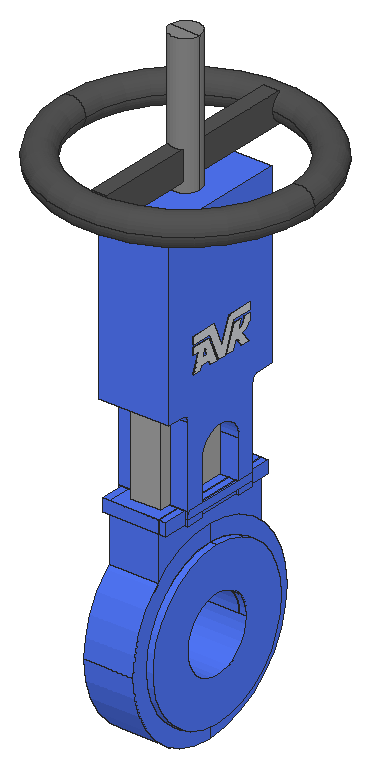
Revit family "702-20-103-DN50-600", category Pipe Accessories, Revit 2019
Family settings
  Round Connector Dimension = Use Diameter
  Part Type = Valve - Breaks Into
  Work Plane-Based = No
  Always vertical = Yes
  Cut with Voids When Loaded = No
  Shared = No
Parameters (values of type "DN 050")
  W3 = W2 / 1.2  # 54.167 mm
  W2 = W / 2  # 65 mm
  W = size_lookup(Search_table, "W", 0 mm, [Nominal Diameter (DN)])  # 130 mm
  URL product pages = "https://www.avkvalves.com"
  Search_table = "702-20-103-DN50-600"
  Neck_Rod = if([Nominal Diameter (DN)] > 399 mm, 20 mm, if([Nominal Diameter (DN)] > 299 mm, 25 mm, if([Nominal Diameter (DN)] > 199 mm, 20 mm, if([Nominal Diameter (DN)] > 39 mm, 10 mm, 10 mm))))  # 10 mm
  Name_Ref = H_Ref * 1.5  # 169 mm
  L2 = L * 1.1  # 47.3 mm
  L = size_lookup(Search_table, "L", 0 mm, [Nominal Diameter (DN)])  # 43 mm
  ID = [Nominal Diameter (DN)] / 2  # 25 mm
  Nominal Diameter (DN) = 50 mm
  Ho = size_lookup(Search_table, "Ho", 0 mm, [Nominal Diameter (DN)])  # 359 mm
  Hc_Ref = Hc - (HW_Dia / 2)  # 282 mm
  Hc = size_lookup(Search_table, "Hc", 0 mm, [Nominal Diameter (DN)])  # 292 mm
  HW_Rib = (D * 2) - (HW_Dia / 2)  # 145 mm
  HW_Dia = if([Nominal Diameter (DN)] > 399 mm, 80 mm, if([Nominal Diameter (DN)] > 299 mm, 60 mm, if([Nominal Diameter (DN)] > 199 mm, 40 mm, if([Nominal Diameter (DN)] > 39 mm, 20 mm, 20 mm))))  # 20 mm
  H_Ref = Body_width * 1.3  # 112.667 mm
  H3 = size_lookup(Search_table, "H3", 0 mm, [Nominal Diameter (DN)])  # 424 mm
  Flange_Thickness = if([Nominal Diameter (DN)] > 399 mm, 20 mm, if([Nominal Diameter (DN)] > 299 mm, 15 mm, if([Nominal Diameter (DN)] > 199 mm, 10 mm, if([Nominal Diameter (DN)] > 39 mm, 5 mm, 5 mm))))  # 5 mm
  Fillet_Radius = size_lookup(Search_table, "Fillet_Radius", 0 mm, [Nominal Diameter (DN)])  # 5 mm
  Description_ = "AVK KNIFE GATE VALVE"
  DN600_PN10 = "702-600-20-034"
  DN600 = yes
  DN500_PN10 = "702-500-20-034"
  DN500 = yes
  DN450_PN10 = "702-450-20-034"
  DN450 = yes
  DN400_PN10 = "702-400-20-034"
  DN400 = yes
  DN350_PN10 = "702-350-20-034"
  DN350 = yes
  DN300_PN10 = "702-300-20-034"
  DN300 = yes
  DN250_PN10 = "702-250-20-034"
  DN200_PN10 = "702-200-20-034"
  DN200 = yes
  DN150_PN10/16 = "702-150-20-134"
  DN150 = yes
  DN125_PN10/16 = "702-125-20-134"
  DN125 = yes
  DN100_PN10/16 = "702-100-20-134"
  DN100 = yes
  DN080_PN10/16 = "702-080-20-134"
  DN080 = yes
  DN065_PN10/16 = "702-065-20-134"
  DN065 = yes
  DN050_PN10/16 = "702-050-20-134"
  DN050 = yes
  D = (size_lookup(Search_table, "D", 0 mm, [Nominal Diameter (DN)]) / 2) - (HW_Dia / 2)  # 77.5 mm
  Bonnet_height_2 = Hc / 2  # 146 mm
  Bonnet_height = Hc / 1.1  # 265.455 mm
  Body_width_2 = Body_width * 0.8  # 69.333 mm
  Body_width = W / 1.5  # 86.667 mm
  B2_Ref = W2 * 1.2  # 78 mm
Types (15, lengths in mm): name | W3 | W2 | W | Neck_Rod | Name_Ref | L2 | L | ID | Nominal Diameter (DN) | Ho | Hc_Ref | Hc | HW_Rib | HW_Dia | H_Ref | H3 | Flange_Thickness | Fillet_Radius | D | Bonnet_height_2 | Bonnet_height | Body_width_2 | Body_width | B2_Ref
  (no name) | 54.167 | 65 | 130 | 10 | 169 | 47.3 | 43 | 25 | 50 | 359 | 282 | 292 | 145 | 20 | 112.667 | 424 | 5 | 5 | 77.5 | 146 | 265.455 | 69.333 | 86.667 | 78
  DN 050 | 54.167 | 65 | 130 | 10 | 169 | 47.3 | 43 | 25 | 50 | 359 | 282 | 292 | 145 | 20 | 112.667 | 424 | 5 | 5 | 77.5 | 146 | 265.455 | 69.333 | 86.667 | 78
  DN 065 | 59.583 | 71.5 | 143 | 10 | 185.9 | 50.6 | 46 | 32.5 | 65 | 399 | 307 | 317 | 145 | 20 | 123.933 | 471 | 5 | 5 | 77.5 | 158.5 | 288.182 | 76.267 | 95.333 | 85.8
  DN 080 | 76.25 | 91.5 | 183 | 10 | 237.9 | 50.6 | 46 | 40 | 80 | 444 | 351 | 361 | 195 | 20 | 158.6 | 536 | 5 | 5 | 102.5 | 180.5 | 328.182 | 97.6 | 122 | 109.8
  DN 100 | 84.167 | 101 | 202 | 10 | 262.6 | 57.2 | 52 | 50 | 100 | 499 | 386 | 396 | 195 | 20 | 175.067 | 601 | 5 | 10 | 102.5 | 198 | 360 | 107.733 | 134.667 | 121.2
  DN 125 | 95.417 | 114.5 | 229 | 10 | 297.7 | 61.6 | 56 | 62.5 | 125 | 560 | 422 | 432 | 195 | 20 | 198.467 | 675 | 5 | 10 | 102.5 | 216 | 392.727 | 122.133 | 152.667 | 137.4
  DN 150 | 112.5 | 135 | 270 | 10 | 351 | 61.6 | 56 | 75 | 150 | 674 | 513 | 523 | 270 | 20 | 234 | 660 | 5 | 10 | 140 | 261.5 | 475.455 | 144 | 180 | 162
  DN 200 | 135.833 | 163 | 326 | 20 | 423.8 | 66 | 60 | 100 | 200 | 824 | 603 | 623 | 240 | 40 | 282.533 | 989 | 10 | 15 | 130 | 311.5 | 566.364 | 173.867 | 217.333 | 195.6
  DN 300 | 187.917 | 225.5 | 451 | 25 | 586.3 | 85.8 | 78 | 150 | 300 | 1160 | 828 | 858 | 310 | 60 | 390.867 | 1386 | 15 | 15 | 170 | 429 | 780 | 240.533 | 300.667 | 270.6
  DN 350 | 215.833 | 259 | 518 | 25 | 673.4 | 85.8 | 78 | 175 | 350 | 1303 | 921 | 951 | 310 | 60 | 448.933 | 1560 | 15 | 20 | 170 | 475.5 | 864.545 | 276.267 | 345.333 | 310.8
  DN 400 | 240 | 288 | 576 | 20 | 748.8 | 99 | 90 | 200 | 400 | 1461 | 1019 | 1059 | 280 | 80 | 499.2 | 1723 | 20 | 20 | 160 | 529.5 | 962.727 | 307.2 | 384 | 345.6
  DN 450 | 233.333 | 280 | 560 | 20 | 728 | 99 | 90 | 225 | 450 | 1664 | 1166 | 1206 | 380 | 80 | 485.333 | 1977 | 20 | 20 | 210 | 603 | 1096.364 | 298.667 | 373.333 | 336
  DN 500 | 290.833 | 349 | 698 | 20 | 907.4 | 104.5 | 95 | 250 | 500 | 1816 | 1268 | 1308 | 380 | 80 | 604.933 | 2165 | 20 | 25 | 210 | 654 | 1189.091 | 372.267 | 465.333 | 418.8
  DN 600 | 340.417 | 408.5 | 817 | 20 | 1062.1 | 115.5 | 105 | 300 | 600 | 2105 | 1457 | 1497 | 380 | 80 | 708.067 | 2518 | 20 | 25 | 210 | 748.5 | 1360.909 | 435.733 | 544.667 | 490.2
  DN 250 | 164.583 | 197.5 | 395 | 20 | 513.5 | 74.8 | 68 | 125 | 250 | 980 | 709 | 729 | 240 | 40 | 342.333 | 1179 | 10 | 15 | 130 | 364.5 | 662.727 | 210.667 | 263.333 | 237
Reference planes
  plane 1 "Center (Front/Back)": y = 0
  plane 2: z = 0
  plane 3 "Center (Left/Right)": x = 0
  plane 4: x = -21.5
  plane 5: x = 21.5
  plane 6: y = 27.083
  plane 7: y = -27.083
  plane 8: x = -23.65
  plane 9: x = 23.65
  plane 10: z = 86.667
  plane 11: z = 81.667
  plane 12: x = -18
  plane 13: x = 18
  plane 14: z = 292
  plane 15: y = 15.843
  plane 16: y = -15.843
  plane 17: z = 112.667
  plane 18: z = 146
  plane 19: y = 27.083
  plane 20: y = -27.083
  plane 21: x = -23.65
  plane 22: x = 23.65
  plane 23: z = 292
  plane 24: z = 282
  plane 25: z = 272
  plane 26: z = 352.5
  plane 27: z = -65
  plane 28: z = 65
  plane 29: y = -65
  plane 30: y = 65
  plane 31: y = 32.083
  plane 32: z = 141
  plane 33: y = -32.083
  plane 34: z = 141
  plane 35: x = -6.146
  plane 36: x = 5.74
  plane 37: x = -77.5
  plane 38: x = 77.5
Forms (mm)
  Extrusion 1, solid, material "Plastic"
    sketch origin (0, 0, 0) x (0, 1, 0) y (0, 0, 1)
      loop
        circle (0, 0) r 65
      loop
        circle (0, 0) r 25
    from -21.5 to 21.5
  Revolve 2, void
    sketch origin (0, 0, 0) x (1, 0, 0) y (0, 0, 1)
      loop
        line (21.5, 65) -> (16.5, 65) -> (16.5, 54.167) -> (21.5, 54.167) -> (21.5, 65)
      loop
        line (-21.5, 65) -> (-21.5, 54.167) -> (-16.5, 54.167) -> (-16.5, 65) -> (-21.5, 65)
      axis (-21.5, 0) -> (21.5, 0)
    angle from 0 to 360
  Extrusion 3, solid, material "Plastic"
    sketch origin (0, 0, 0) x (0, 1, 0) y (0, 0, 1)
      loop
        line (43.333, 0) -> (43.333, 86.667) -> (-43.333, 86.667) -> (-43.333, 0) -> (43.333, 0)
    from -16.5 to 16.5
  Extrusion 4, solid, material "Plastic"
    sketch origin (0, 0, 0) x (1, 0, 0) y (0, 0, 1)
      loop
        line (23.65, 86.667) -> (-23.65, 86.667) -> (-23.65, 81.667) -> (23.65, 81.667) -> (23.65, 86.667)
    from -27.083 to 27.083
  Extrusion 5, solid, material "Plastic"
    sketch origin (0, 0, 0) x (1, 0, 0) y (0, 0, 1)
      loop
        line (-21.5, 86.667) -> (-21.5, 78) -> (21.5, 78) -> (21.5, 86.667) -> (-21.5, 86.667)
    from -43.333 to 43.333
  Extrusion 6, solid, material "Plastic"
    sketch origin (0, 0, 0) x (0, 1, 0) y (0, 0, 1)
      loop
        line (27.083, 78) -> (27.083, 141)
        arc (27.083, 141) -> (28.548, 144.536) -> (32.083, 146) r 5
        line (32.083, 146) -> (43.333, 146) -> (43.333, 265.455) -> (-43.333, 265.455) -> (-43.333, 146) -> (-32.083, 146)
        arc (-32.083, 146) -> (-28.548, 144.536) -> (-27.083, 141) r 5
        line (-27.083, 141) -> (-27.083, 78) -> (-15.843, 78) -> (-15.843, 112.667)
        arc (-15.843, 112.667) -> (0, 128.51) -> (15.843, 112.667) r 15.843
        line (15.843, 112.667) -> (15.843, 78) -> (27.083, 78)
    from -23.65 to 23.65
  Revolve 7, solid, material "Steel"
    sketch origin (0, 0, 0) x (1, 0, 0) y (0, 0, 1)
      loop
        circle (77.5, 282) r 10
      axis (0, 282) -> (0, 283)
    angle from 0 to 360
  Revolve 8, solid, material "Stainless Steel AISI 304"
    sketch origin (0, 0, 0) x (1, 0, 0) y (0, 0, 1)
      loop
        line (0, 359) -> (0, 265.455) -> (10, 265.455) -> (10, 359) -> (0, 359)
      axis (0, 265.455) -> (0, 359)
    angle from 0 to 360
  Extrusion 9, solid, material "Steel"
    sketch origin (0, 0, 0) x (1, 0, 0) y (0, 1, 0)
      loop
        line (-5, 72.5) -> (-5, -72.5) -> (5, -72.5) -> (5, 72.5) -> (-5, 72.5)
    from 272 to 292
  Extrusion 10, void
    sketch origin (0, 0, 0) x (0, 1, 0) y (0, 0, 1)
      loop
        circle (0, 0) r 25
    from -21.5 to 21.5
  Extrusion 11, solid, material "Stainless Steel AISI 304(1)"
    sketch origin (0, 0, 0) x (0, 1, 0) y (0, 0, 1)
      loop
        line (34.667, 86.667) -> (34.667, 146) -> (-34.667, 146) -> (-34.667, 86.667) -> (34.667, 86.667)
    from -9.423 to 10.911
Cuts and joins
  Revolve 2, Extrusion 10 cuts Extrusion 1
  Extrusion 10 cuts Extrusion 3
Dimensions and locks
  equal spacing: plane 4, plane 3 "Center (Left/Right)", plane 5
  "L": plane 4 to plane 5
  "W2": Revolve 2 sketch curve to level
  "Flange_Thickness": Revolve 2 sketch curve to Extrusion 1
  "Flange_Thickness": Extrusion 1 to Revolve 2 sketch curve
  "W3": Revolve 2 sketch curve to level
  equal spacing: Extrusion 3 sketch curve, plane 1 "Center (Front/Back)", Extrusion 3 sketch curve
  "Body_width": Extrusion 3 sketch curve to Extrusion 3 sketch curve  (x2)
  level to Extrusion 3 = 86.667 mm
  equal spacing: plane 6, plane 1 "Center (Front/Back)", plane 7
  "W3": plane 6 to plane 7
  equal spacing: plane 8, plane 3 "Center (Left/Right)", plane 9
  "L2": plane 8 to plane 9
  "Flange_Thickness": plane 10 to plane 11
  "Body_width": plane 10 to level
  "B2_Ref": Extrusion 5 sketch curve to level
  "Hc": plane 14 to level
  equal spacing: plane 15, plane 1 "Center (Front/Back)", plane 16
  "Bonnet_height_2": level to plane 18
  "Bonnet_height": Extrusion 6 sketch curve to level
  equal spacing: plane 21, plane 3 "Center (Left/Right)", plane 22
  "L2": plane 21 to plane 22
  "H_Ref": level to plane 17
  "Hc": plane 23 to level
  "Hc_Ref": plane 24 to level
  "D": Revolve 7 sketch curve to plane 3 "Center (Left/Right)"
  "Neck_Rod": Revolve 8 sketch curve to Revolve 8 sketch curve
  equal spacing: Extrusion 9 sketch curve, plane 3 "Center (Left/Right)", Extrusion 9 sketch curve
  equal spacing: Extrusion 9 sketch curve, plane 1 "Center (Front/Back)", Extrusion 9 sketch curve
  "Neck_Rod": Extrusion 9 sketch curve to Extrusion 9 sketch curve
  "HW_Rib": Extrusion 9 sketch curve to Extrusion 9 sketch curve
  "HW_Dia": plane 23 to plane 25
  "Name_Ref": level to nested 1
  equal spacing: plane 28, level, plane 27
  "W": plane 28 to plane 27
  equal spacing: plane 30, plane 1 "Center (Front/Back)", plane 29
  "W": plane 30 to plane 29
  "Ho": Revolve 8 sketch curve to level
  "Ho": Revolve 8 to level
  Revolve 8 to plane 27 = 424 mm
  "Fillet_Radius": plane 31 to plane 19
  "Fillet_Radius": plane 18 to plane 32
  "Fillet_Radius": plane 18 to plane 34
  "Fillet_Radius": plane 20 to plane 33
  equal spacing: Extrusion 11 sketch curve, plane 1 "Center (Front/Back)", Extrusion 11 sketch curve
  "Body_width_2": Extrusion 11 sketch curve to Extrusion 11 sketch curve
  equal spacing: plane 37, plane 3 "Center (Left/Right)", plane 38
  "D": plane 37 to plane 3 "Center (Left/Right)"
  "Hc_Ref": Revolve 7 sketch curve to level
  "Hc_Ref": Extrusion 1 sketch curve to plane 24
  "W": diameter of Extrusion 1 sketch curve
  "Nominal Diameter (DN)": diameter of Extrusion 1 sketch curve
  "HW_Dia": diameter of Revolve 7 sketch curve
  aligned and locked: level to plane 2
  aligned and locked: Extrusion 1 to plane 5
  aligned and locked: plane 4 to Extrusion 1
  aligned and locked: Extrusion 1 to Revolve 2 sketch curve
  aligned and locked: Revolve 2 sketch curve to Revolve 2 sketch curve  (x2)
  aligned and locked: Revolve 2 sketch curve to plane 2
  aligned and locked: Extrusion 3 sketch curve to level
  aligned and locked: plane 6 to Extrusion 4
  aligned and locked: Extrusion 4 to plane 7
  aligned and locked: plane 11 to Extrusion 4 sketch curve  (x2)
  aligned and locked: plane 10 to Extrusion 4 sketch curve  (x2)
  aligned and locked: Extrusion 5 sketch curve to plane 4
  aligned and locked: plane 5 to Extrusion 5 sketch curve
  aligned and locked: Extrusion 5 sketch curve to Extrusion 4
  aligned and locked: Extrusion 5 to Extrusion 3
  aligned and locked: Extrusion 3 to Extrusion 5
  aligned and locked: plane 8 to Extrusion 4 sketch curve
  aligned and locked: Extrusion 4 sketch curve to plane 9
  aligned and locked: Extrusion 3 to cut or joined group of Extrusion 1, Revolve 2, Extrusion 10  (x2)
  aligned and locked: Extrusion 5 to Extrusion 6 sketch curve
  aligned and locked: Extrusion 6 sketch curve to Extrusion 5
  aligned and locked: plane 15 to Extrusion 6 sketch curve  (x2)
  aligned and locked: plane 19 to Extrusion 6 sketch curve  (x2)
  aligned and locked: plane 16 to Extrusion 6 sketch curve  (x2)
  aligned and locked: plane 20 to Extrusion 6 sketch curve  (x2)
  aligned and locked: plane 7 to plane 20
  aligned and locked: plane 6 to plane 19
  aligned and locked: Extrusion 3 to Extrusion 6 sketch curve  (x2)
  aligned and locked: Extrusion 6 to Extrusion 4  (x2)
  aligned and locked: plane 3 "Center (Left/Right)" to Revolve 7 sketch curve
  aligned and locked: plane 3 "Center (Left/Right)" to Revolve 8 sketch curve
  aligned and locked: plane 23 to Extrusion 9
  aligned and locked: Extrusion 9 to plane 25
  aligned and locked: Extrusion 10 sketch curve to cut or joined group of Extrusion 1, Revolve 2, Extrusion 10  (x2)
  aligned and locked: Extrusion 1 to Extrusion 10  (x2)
  aligned and locked: nested 1 to plane 1 "Center (Front/Back)"
  aligned and locked: plane 33 to Extrusion 6 sketch curve
  aligned and locked: plane 18 to Extrusion 6 sketch curve  (x2)
  aligned and locked: plane 34 to Extrusion 6 sketch curve
  aligned and locked: plane 32 to Extrusion 6 sketch curve
  aligned and locked: plane 31 to Extrusion 6 sketch curve
  aligned and locked: plane 17 to Extrusion 6 sketch curve  (x2)
  aligned and locked: Extrusion 5 to Extrusion 11 sketch curve
Automatic sketch dimensions
  Extrusion 1 sketch curve to Extrusion 1 sketch curve = 0 mm
  Extrusion 1 sketch curve to level = 0 mm
  Extrusion 1 sketch curve to plane 1 "Center (Front/Back)" = 0 mm
  plane 4 to Revolve 2 sketch curve = 0 mm
  Revolve 2 sketch curve to plane 4 = 2.3 mm
  plane 5 to Revolve 2 sketch curve = 8 mm
  Revolve 7 sketch curve to plane 25 = 46.961 mm
  Revolve 7 sketch curve to plane 24 = 3.909 mm
  Revolve 8 sketch curve to plane 3 "Center (Left/Right)" = 0 mm
  Revolve 8 sketch curve to plane 24 = 3.469 mm
  Revolve 8 sketch curve to Revolve 8 sketch curve = 12.217 mm
  Revolve 8 sketch curve to plane 25 = 6.545 mm
  Extrusion 11 sketch curve to Extrusion 11 sketch curve = 59.333 mm
Nested families
  nested 1: "LOGO LV Final.0001" at (23.65, 0, 157.633) x (0, 1, 0) z (1, 0, 0), type "LOGO LV Final.0001"
Connectors
  piping at (21.5, 0, 0), diameter 50, driven by "Nominal Diameter (DN)"
    settings: on Extrusion 1, index 1, connector inside diameter 609.6 mm, connector length 0 mm, flow factor 0, pipe flow 0.0 L/s, pressure drop 0.0 Pa, fitting loss kfactor 0, connector angle 0.00°, fixture units 0, engagement length 0 mm, angle of deflection 0.00°, flow configuration 0, flow direction 0, fitting loss method 0, system type 7, joint type 0, gender type 0, connector reference index -1, connector utility 0, adjustable connector no, is connector primary yes, connector description ""
  piping at (-21.5, 0, 0), diameter 50, driven by "Nominal Diameter (DN)"
    settings: on Extrusion 1, index 2, connector inside diameter 609.6 mm, connector length 0 mm, flow factor 0, pipe flow 0.0 L/s, pressure drop 0.0 Pa, fitting loss kfactor 0, connector angle 0.00°, fixture units 0, engagement length 0 mm, angle of deflection 0.00°, flow configuration 0, flow direction 0, fitting loss method 0, system type 7, joint type 0, gender type 0, connector reference index -1, connector utility 0, adjustable connector no, is connector primary no, connector description ""
Definition of nested family "LOGO LV Final.0001"
  Parameters (values of type "LOGO LV Final.0001")
    Default Elevation = 1219.2 mm
  Reference planes
    plane 1 "Center (Front/Back)": y = 0
    plane 2: z = 0
    plane 3 "Center (Left/Right)": x = 0
  Forms (mm)
    Extrusion 1, solid
      sketch origin (0, 0, 0) x (1, 0, 0) y (0, 1, 0)
        loop
          line (-1219.2, 1219.2) -> (-1219.2, -1219.2) -> (1219.2, -1219.2) -> (1219.2, 1219.2) -> (-1219.2, 1219.2)
      from 0 to -304.8
    Extrusion 2, solid
      sketch origin (0, 0, 0) x (1, 0, 0) y (0, 1, 0)
        loop
          line (-6.514, 34.224) -> (-24, 34.224) -> (-24, 29.481) -> (-9.766, 29.481) -> (-2.391, 11.367) -> (2.391, 11.367) -> (9.766, 29.481) -> (24, 29.481) -> (24, 34.224) -> (6.514, 34.224) -> (0, 18.224) -> (-6.514, 34.224)
        loop
          line (-10.996, 27.653) -> (-24, 27.653) -> (-24, 23.081) -> (-19.503, 23.081) -> (-24, 11.367) -> (-18.92, 11.367) -> (-17.955, 13.881) -> (-10.51, 13.881) -> (-9.486, 11.367) -> (-4.365, 11.367) -> (-10.996, 27.653)
        loop
          line (-16.777, 18.224) -> (-12.278, 18.224) -> (-14.594, 23.912) -> (-16.777, 18.224)
        loop
          line (4.365, 11.367) -> (9.486, 11.367) -> (12.093, 17.77) -> (16.918, 11.367) -> (22.857, 11.367) -> (17.399, 18.61)
          arc (17.399, 18.61) -> (20.583, 20.18) -> (22.629, 23.081) r 7.2
          line (22.629, 23.081) -> (24, 23.081) -> (24, 27.653) -> (19.429, 27.653)
          arc (19.429, 27.653) -> (17.763, 23.526) -> (13.699, 21.714) r 5.943
          line (13.699, 21.714) -> (16.117, 27.653) -> (10.996, 27.653) -> (4.365, 11.367)
      from 0 to 1
  Dimensions and locks
    aligned and locked: plane 2 to Extrusion 1
    aligned and locked: level to Extrusion 1
    aligned and locked: Extrusion 2 sketch curve to import instance
